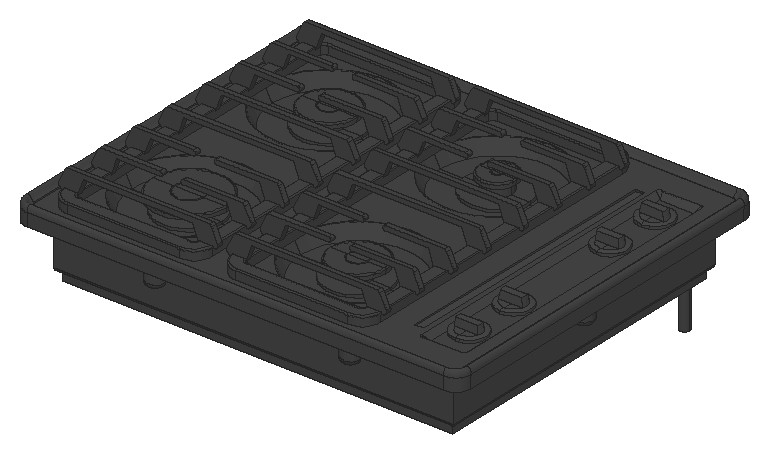
Revit family "QF_Summit_TTL033S_Cooktop", category Specialty Equipment, Revit 2020 (continued)
Definition of nested family "Summit_Cast"
  Forms (in)
    Extrusion 4, solid
      sketch origin (0, -6.75, 0) x (1, 0, 0) y (0, 0, 1)
        loop
          arc (8.25406, 0.49612) -> (8.2924, 0.56977) -> (8.28157, 0.65209) r 0.13806
          line (8.28157, 0.65209) -> (7.93816, 1.38852) -> (7.82668, 1.5) -> (0.17332, 1.5) -> (0.06184, 1.38852) -> (-0.28157, 0.65209)
          arc (-0.28157, 0.65209) -> (-0.2924, 0.56977) -> (-0.25406, 0.49612) r 0.13806
          line (-0.25406, 0.49612) -> (-0.14564, 0.3877) -> (0.74803, 0.3877)
      from 1 to 1.25
    Extrusion 5, solid
      sketch origin (0, -4.5, 0) x (1, 0, 0) y (0, 0, 1)
        loop
          line (0.74803, 0.3877) -> (1.06188, 1.25) -> (3.36913, 1.25)
          arc (3.36913, 1.25) -> (3.49413, 1.375) -> (3.36913, 1.5) r 0.125
          line (3.36913, 1.5) -> (0.17332, 1.5) -> (0.06184, 1.38852) -> (-0.28157, 0.65209)
          arc (-0.28157, 0.65209) -> (-0.2924, 0.56977) -> (-0.25406, 0.49612) r 0.13806
          line (-0.25406, 0.49612) -> (-0.14564, 0.3877) -> (0.74803, 0.3877)
        loop
          line (7.25197, 0.3877) -> (8.14564, 0.3877) -> (8.25406, 0.49612)
          arc (8.25406, 0.49612) -> (8.2924, 0.56977) -> (8.28157, 0.65209) r 0.13806
          line (8.28157, 0.65209) -> (7.93816, 1.38852) -> (7.82668, 1.5) -> (4.62959, 1.5)
          arc (4.62959, 1.5) -> (4.50459, 1.375) -> (4.62959, 1.25) r 0.125
          line (4.62959, 1.25) -> (6.93812, 1.25) -> (7.25197, 0.3877)
      from 1 to 1.25
    Extrusion 6, solid
      sketch origin (0, -18.25, 0) x (1, 0, 0) y (0, 0, -1)
        loop
          line (0.74803, -0.3877) -> (-0.14564, -0.3877) -> (-0.25406, -0.49612)
          arc (-0.25406, -0.49612) -> (-0.2924, -0.56977) -> (-0.28157, -0.65209) r 0.13806
          line (-0.28157, -0.65209) -> (0.06184, -1.38852) -> (0.17332, -1.5) -> (7.82668, -1.5) -> (7.93816, -1.38852) -> (8.28157, -0.65209)
          arc (8.28157, -0.65209) -> (8.2924, -0.56977) -> (8.25406, -0.49612) r 0.13806
          line (8.25406, -0.49612) -> (8.14564, -0.3877) -> (7.25197, -0.3877) -> (6.93812, -1.25) -> (1.06188, -1.25) -> (0.74803, -0.3877)
      from 1 to 1.25
    Extrusion 7, solid
      sketch origin (0, -16, 0) x (1, 0, 0) y (0, 0, -1)
        loop
          line (0.74803, -0.3877) -> (-0.14564, -0.3877) -> (-0.25406, -0.49612)
          arc (-0.25406, -0.49612) -> (-0.2924, -0.56977) -> (-0.28157, -0.65209) r 0.13806
          line (-0.28157, -0.65209) -> (0.06184, -1.38852) -> (0.17332, -1.5) -> (3.36913, -1.5)
          arc (3.36913, -1.5) -> (3.49413, -1.375) -> (3.36913, -1.25) r 0.125
          line (3.36913, -1.25) -> (1.06188, -1.25) -> (0.74803, -0.3877)
        loop
          line (7.25197, -0.3877) -> (6.93812, -1.25) -> (4.62959, -1.25)
          arc (4.62959, -1.25) -> (4.50459, -1.375) -> (4.62959, -1.5) r 0.125
          line (4.62959, -1.5) -> (7.82668, -1.5) -> (7.93816, -1.38852) -> (8.28157, -0.65209)
          arc (8.28157, -0.65209) -> (8.2924, -0.56977) -> (8.25406, -0.49612) r 0.13806
          line (8.25406, -0.49612) -> (8.14564, -0.3877) -> (7.25197, -0.3877)
      from 1 to 1.25
    Extrusion 8, solid
      sketch origin (0, -11.5, 0) x (1, 0, 0) y (0, 0, -1)
        loop
          line (0.74803, -0.3877) -> (-0.14564, -0.3877) -> (-0.25406, -0.49612)
          arc (-0.25406, -0.49612) -> (-0.2924, -0.56977) -> (-0.28157, -0.65209) r 0.13806
          line (-0.28157, -0.65209) -> (0.06184, -1.38852) -> (0.17332, -1.5) -> (7.82668, -1.5) -> (7.93816, -1.38852) -> (8.28157, -0.65209)
          arc (8.28157, -0.65209) -> (8.2924, -0.56977) -> (8.25406, -0.49612) r 0.13806
          line (8.25406, -0.49612) -> (8.14564, -0.3877) -> (7.25197, -0.3877) -> (6.93812, -1.25) -> (1.06188, -1.25) -> (0.74803, -0.3877)
      from 1 to 1.25
    Extrusion 9, solid
      sketch origin (0, -13.75, 0) x (1, 0, 0) y (0, 0, -1)
        loop
          line (0.74803, -0.3877) -> (-0.14564, -0.3877) -> (-0.25406, -0.49612)
          arc (-0.25406, -0.49612) -> (-0.2924, -0.56977) -> (-0.28157, -0.65209) r 0.13806
          line (-0.28157, -0.65209) -> (0.06184, -1.38852) -> (0.17332, -1.5) -> (3.36913, -1.5)
          arc (3.36913, -1.5) -> (3.49413, -1.375) -> (3.36913, -1.25) r 0.125
          line (3.36913, -1.25) -> (1.06188, -1.25) -> (0.74803, -0.3877)
        loop
          line (7.25197, -0.3877) -> (6.93812, -1.25) -> (4.62959, -1.25)
          arc (4.62959, -1.25) -> (4.50459, -1.375) -> (4.62959, -1.5) r 0.125
          line (4.62959, -1.5) -> (7.82668, -1.5) -> (7.93816, -1.38852) -> (8.28157, -0.65209)
          arc (8.28157, -0.65209) -> (8.2924, -0.56977) -> (8.25406, -0.49612) r 0.13806
          line (8.25406, -0.49612) -> (8.14564, -0.3877) -> (7.25197, -0.3877)
      from 1 to 1.25
  Lines and regions (in)
    symbolic lines
      curve 1: line (7, -0.75, 1.5) -> (1, -0.75, 1.5)
      curve 2: arc (1, -0.75, 1.5) -> (0.82322, -0.82322, 1.5) -> (0.75, -1, 1.5) r 0.25
      curve 3: line (0.75, -1, 1.5) -> (0.75, -3.25, 1.5)
      curve 4: arc (0.75, -17.25, 1.5) -> (0.82322, -17.42678, 1.5) -> (1, -17.5, 1.5) r 0.25
      curve 5: line (1, -17.5, 1.5) -> (7, -17.5, 1.5)
      curve 6: arc (7, -17.5, 1.5) -> (7.17678, -17.42678, 1.5) -> (7.25, -17.25, 1.5) r 0.25
      curve 7: arc (7.25, -1, 1.5) -> (7.17678, -0.82322, 1.5) -> (7, -0.75, 1.5) r 0.25
      curve 8: arc (0, -1, 1.5) -> (0.29289, -0.29289, 1.5) -> (1, 0, 1.5) r 1
      curve 9: line (1, 0, 1.5) -> (7, 0, 1.5)
      curve 10: arc (7, 0, 1.5) -> (7.70711, -0.29289, 1.5) -> (8, -1, 1.5) r 1
      curve 11: arc (8, -17.25, 1.5) -> (7.70711, -17.95711, 1.5) -> (7, -18.25, 1.5) r 1
      curve 12: line (7, -18.25, 1.5) -> (1, -18.25, 1.5)
      curve 13: arc (1, -18.25, 1.5) -> (0.29289, -17.95711, 1.5) -> (0, -17.25, 1.5) r 1
      curve 14: line (-0.2945, -1.25, 1.5) -> (8.2945, -1.25, 1.5)
      curve 15: line (8.2945, -1, 1.5) -> (-0.2945, -1, 1.5)
      curve 16: line (-0.2945, -1, 1.5) -> (-0.2945, -1.25, 1.5)
      curve 17: line (8.2945, -1, 1.5) -> (8.2945, -1.25, 1.5)
      curve 18: line (4.50459, -3.25, 1.5) -> (8.2945, -3.25, 1.5)
      curve 19: line (4.50459, -3.5, 1.5) -> (4.50459, -3.25, 1.5)
      curve 20: line (8.2945, -3.5, 1.5) -> (4.50459, -3.5, 1.5)
      curve 21: line (8.2945, -3.25, 1.5) -> (8.2945, -3.5, 1.5)
      curve 22: line (-0.2945, -3.25, 1.5) -> (3.49413, -3.25, 1.5)
      curve 23: line (-0.2945, -3.5, 1.5) -> (-0.2945, -3.25, 1.5)
      curve 24: line (3.49413, -3.5, 1.5) -> (0, -3.5, 1.5)
      curve 25: line (3.49413, -3.25, 1.5) -> (3.49413, -3.5, 1.5)
      curve 26: line (-0.2945, -5.5, 1.5) -> (3.49413, -5.5, 1.5)
      curve 27: line (-0.2945, -5.75, 1.5) -> (-0.2945, -5.5, 1.5)
      curve 28: line (3.49413, -5.75, 1.5) -> (-0.2945, -5.75, 1.5)
      curve 29: line (3.49413, -5.5, 1.5) -> (3.49413, -5.75, 1.5)
      curve 30: line (4.50459, -5.5, 1.5) -> (8.2945, -5.5, 1.5)
      curve 31: line (4.50459, -5.75, 1.5) -> (4.50459, -5.5, 1.5)
      curve 32: line (8.2945, -5.75, 1.5) -> (4.50459, -5.75, 1.5)
      curve 33: line (8.2945, -5.5, 1.5) -> (8.2945, -5.75, 1.5)
      curve 34: line (-0.2945, -7.75, 1.5) -> (8.2945, -7.75, 1.5)
      curve 35: line (-0.2945, -8, 1.5) -> (-0.2945, -7.75, 1.5)
      curve 36: line (8.2945, -8, 1.5) -> (-0.2945, -8, 1.5)
      curve 37: line (8.2945, -7.75, 1.5) -> (8.2945, -8, 1.5)
      curve 38: line (-0.2945, -10.25, 1.5) -> (8.2945, -10.25, 1.5)
      curve 39: line (-0.2945, -10.5, 1.5) -> (-0.2945, -10.25, 1.5)
      curve 40: line (8.2945, -10.5, 1.5) -> (-0.2945, -10.5, 1.5)
      curve 41: line (8.2945, -10.25, 1.5) -> (8.2945, -10.5, 1.5)
      curve 42: line (-0.2945, -12.5, 1.5) -> (3.49413, -12.5, 1.5)
      curve 43: line (-0.2945, -12.75, 1.5) -> (-0.2945, -12.5, 1.5)
      curve 44: line (3.49413, -12.75, 1.5) -> (-0.2945, -12.75, 1.5)
      curve 45: line (3.49413, -12.5, 1.5) -> (3.49413, -12.75, 1.5)
      curve 46: line (4.50459, -12.5, 1.5) -> (8.2945, -12.5, 1.5)
      curve 47: line (4.50459, -12.75, 1.5) -> (4.50459, -12.5, 1.5)
      curve 48: line (8.2945, -12.75, 1.5) -> (4.50459, -12.75, 1.5)
      curve 49: line (8.2945, -12.5, 1.5) -> (8.2945, -12.75, 1.5)
      curve 50: line (-0.2945, -14.75, 1.5) -> (3.49413, -14.75, 1.5)
      curve 51: line (-0.2945, -15, 1.5) -> (-0.2945, -14.75, 1.5)
      curve 52: line (3.49413, -15, 1.5) -> (-0.2945, -15, 1.5)
      curve 53: line (3.49413, -14.75, 1.5) -> (3.49413, -15, 1.5)
      curve 54: line (4.50459, -14.75, 1.5) -> (8.2945, -14.75, 1.5)
      curve 55: line (4.50459, -15, 1.5) -> (4.50459, -14.75, 1.5)
      curve 56: line (8.2945, -15, 1.5) -> (4.50459, -15, 1.5)
      curve 57: line (8.2945, -14.75, 1.5) -> (8.2945, -15, 1.5)
      curve 58: line (-0.2945, -17, 1.5) -> (8.2945, -17, 1.5)
      curve 59: line (-0.2945, -17.25, 1.5) -> (-0.2945, -17, 1.5)
      curve 60: line (8.2945, -17.25, 1.5) -> (-0.2945, -17.25, 1.5)
      curve 61: line (8.2945, -17, 1.5) -> (8.2945, -17.25, 1.5)
      curve 62: line (8, -1.25, 1.5) -> (8, -3.25, 1.5)
      curve 63: line (0, -3.25, 1.5) -> (0, -1.25, 1.5)
      curve 64: line (0, -3.5, 1.5) -> (-0.2945, -3.5, 1.5)
      curve 65: line (0.75, -3.5, 1.5) -> (0.75, -5.5, 1.5)
      curve 66: line (7.25, -3.25, 1.5) -> (7.25, -1, 1.5)
      curve 67: line (8, -3.5, 1.5) -> (8, -5.5, 1.5)
      curve 68: line (8, -5.75, 1.5) -> (8, -7.75, 1.5)
      curve 69: line (7.25, -5.5, 1.5) -> (7.25, -3.5, 1.5)
      curve 70: line (0.75, -5.75, 1.5) -> (0.75, -7.75, 1.5)
      curve 71: line (0, -5.5, 1.5) -> (0, -3.5, 1.5)
      curve 72: line (0, -7.75, 1.5) -> (0, -5.75, 1.5)
      curve 73: line (0.75, -8, 1.5) -> (0.75, -10.25, 1.5)
      curve 74: line (7.25, -7.75, 1.5) -> (7.25, -5.75, 1.5)
      curve 75: line (8, -8, 1.5) -> (8, -10.25, 1.5)
      curve 76: line (8, -10.5, 1.5) -> (8, -12.5, 1.5)
      curve 77: line (7.25, -10.25, 1.5) -> (7.25, -8, 1.5)
      curve 78: line (8, -12.75, 1.5) -> (8, -14.75, 1.5)
      curve 79: line (7.25, -12.5, 1.5) -> (7.25, -10.5, 1.5)
      curve 80: line (8, -15, 1.5) -> (8, -17, 1.5)
      curve 81: line (7.25, -14.75, 1.5) -> (7.25, -12.75, 1.5)
      curve 82: line (0.75, -12.75, 1.5) -> (0.75, -14.75, 1.5)
      curve 83: line (0.75, -10.5, 1.5) -> (0.75, -12.5, 1.5)
      curve 84: line (0, -12.5, 1.5) -> (0, -8, 1.5)
      curve 85: line (0, -14.75, 1.5) -> (0, -12.75, 1.5)
      curve 86: line (0.75, -15, 1.5) -> (0.75, -17, 1.5)
      curve 87: line (7.25, -17, 1.5) -> (7.25, -15, 1.5)
      curve 88: line (0, -17, 1.5) -> (0, -15, 1.5)
  Dimensions and locks (in)
    equal spacing: plane 3 "LEFT", plane 7 "Center Y", plane 4 "RIGHT"
    "Length": plane 3 "LEFT" to plane 4 "RIGHT"
    equal spacing: plane 5 "FRONT", plane 8 "Center X", plane 1 "BACK"
    "Depth": plane 5 "FRONT" to plane 1 "BACK"
    "Height": plane 6 "TOP" to level
    aligned and locked: level to plane 2
  Automatic sketch dimensions
    Sweep 1 sketch curve to plane 4 "RIGHT" = 0"
    plane 5 "FRONT" to Sweep 1 sketch curve = 0"
    plane 1 "BACK" to Sweep 1 sketch curve = 0"
    Sweep 1 sketch curve to plane 3 "LEFT" = 0"
    Sweep 1 sketch curve to Sweep 1 sketch curve = 1"
    plane 4 "RIGHT" to Sweep 1 sketch curve = 1"
    plane 3 "LEFT" to Sweep 1 sketch curve = 1"  (x2)
    Sweep 1 sketch curve to profile plane = 0"
    profile plane to Sweep 1 sketch curve = 1/16"
    Sweep 1 sketch curve to Sweep 1 sketch curve = 5/8"
    Sweep 1 sketch curve to Sweep 1 sketch curve = 1/16"
    Sweep 1 sketch curve to plane 6 "TOP" = 1 1/2"
    Sweep 1 sketch curve to Sweep 1 sketch curve = 7/16"
    Extrusion 2 sketch curve to plane 6 "TOP" = 0"
    Extrusion 2 sketch curve to plane 3 "LEFT" = 0.28157"
    Extrusion 2 sketch curve to Extrusion 2 sketch curve = 0.0275"
    Extrusion 2 sketch curve to Extrusion 2 sketch curve = 0.12513"  (x2)
    Extrusion 2 sketch curve to plane 3 "LEFT" = 0.14564"
    plane 3 "LEFT" to Extrusion 2 sketch curve = 0.06184"
    Extrusion 2 sketch curve to Extrusion 2 sketch curve = 0.11148"
    plane 3 "LEFT" to Extrusion 2 sketch curve = 0.74803"
    Extrusion 2 sketch curve to plane 6 "TOP" = 1/4"
    Extrusion 2 sketch curve to Extrusion 2 sketch curve = 0.31385"
    plane 4 "RIGHT" to Extrusion 2 sketch curve = 1.06188"
    plane 4 "RIGHT" to Extrusion 2 sketch curve = 0.74803"
    plane 4 "RIGHT" to Extrusion 2 sketch curve = 0.17332"
    plane 4 "RIGHT" to Extrusion 2 sketch curve = 0.06184"
    Extrusion 2 sketch curve to plane 4 "RIGHT" = 0.14564"
    Extrusion 2 sketch curve to plane 4 "RIGHT" = 0.15644"
    Extrusion 2 sketch curve to Extrusion 2 sketch curve = 0.09762"
    level to Extrusion 2 sketch curve = 0.65209"  (x2)
    Extrusion 2 sketch curve to Extrusion 2 sketch curve = 0.05835"  (x2)
    level to Extrusion 2 sketch curve = 0.3877"
    Extrusion 2 sketch curve to Extrusion 2 sketch curve = 0.10842"
    Extrusion 2 sketch curve to plane 6 "TOP" = 0.11148"  (x2)
    Extrusion 3 sketch curve to plane 6 "TOP" = 0"  (x2)
    Extrusion 3 sketch curve to plane 3 "LEFT" = 0.28157"
    Extrusion 3 sketch curve to Extrusion 3 sketch curve = 0.0275"
    Extrusion 3 sketch curve to Extrusion 3 sketch curve = 0.12513"  (x2)
    Extrusion 3 sketch curve to plane 3 "LEFT" = 0.14564"
    plane 3 "LEFT" to Extrusion 3 sketch curve = 0.06184"
    Extrusion 3 sketch curve to Extrusion 3 sketch curve = 0.11148"
    plane 3 "LEFT" to Extrusion 3 sketch curve = 0.74803"
    Extrusion 3 sketch curve to plane 6 "TOP" = 1/4"  (x2)
    Extrusion 3 sketch curve to Extrusion 3 sketch curve = 0.31385"
    Extrusion 3 sketch curve to plane 7 "Center Y" = 0.63087"
    plane 7 "Center Y" to Extrusion 3 sketch curve = 0.62959"
    plane 4 "RIGHT" to Extrusion 3 sketch curve = 1.06188"
    plane 4 "RIGHT" to Extrusion 3 sketch curve = 0.74803"
    plane 4 "RIGHT" to Extrusion 3 sketch curve = 0.17332"
    plane 4 "RIGHT" to Extrusion 3 sketch curve = 0.06184"
    Extrusion 3 sketch curve to plane 4 "RIGHT" = 0.14564"
    Extrusion 3 sketch curve to plane 4 "RIGHT" = 0.15644"
    Extrusion 3 sketch curve to Extrusion 3 sketch curve = 0.09762"
    level to Extrusion 3 sketch curve = 0.65209"  (x2)
    Extrusion 3 sketch curve to Extrusion 3 sketch curve = 0.05835"  (x2)
    level to Extrusion 3 sketch curve = 0.3877"
    Extrusion 3 sketch curve to Extrusion 3 sketch curve = 0.10842"
    Extrusion 3 sketch curve to plane 6 "TOP" = 0.11148"  (x2)
    Extrusion 4 sketch curve to plane 6 "TOP" = 0"
    Extrusion 4 sketch curve to plane 3 "LEFT" = 0.28157"
    Extrusion 4 sketch curve to Extrusion 4 sketch curve = 0.0275"
    Extrusion 4 sketch curve to Extrusion 4 sketch curve = 0.12513"  (x2)
    Extrusion 4 sketch curve to plane 3 "LEFT" = 0.14564"
    plane 3 "LEFT" to Extrusion 4 sketch curve = 0.06184"
    Extrusion 4 sketch curve to Extrusion 4 sketch curve = 0.11148"
    plane 3 "LEFT" to Extrusion 4 sketch curve = 0.74803"
    Extrusion 4 sketch curve to plane 6 "TOP" = 1/4"
    Extrusion 4 sketch curve to Extrusion 4 sketch curve = 0.31385"
    plane 4 "RIGHT" to Extrusion 4 sketch curve = 1.06188"
    plane 4 "RIGHT" to Extrusion 4 sketch curve = 0.74803"
    plane 4 "RIGHT" to Extrusion 4 sketch curve = 0.17332"
    plane 4 "RIGHT" to Extrusion 4 sketch curve = 0.06184"
    Extrusion 4 sketch curve to plane 4 "RIGHT" = 0.14564"
    Extrusion 4 sketch curve to plane 4 "RIGHT" = 0.15644"
    Extrusion 4 sketch curve to Extrusion 4 sketch curve = 0.09762"
    level to Extrusion 4 sketch curve = 0.65209"  (x2)
    Extrusion 4 sketch curve to Extrusion 4 sketch curve = 0.05835"  (x2)
    level to Extrusion 4 sketch curve = 0.3877"
    Extrusion 4 sketch curve to Extrusion 4 sketch curve = 0.10842"
    Extrusion 4 sketch curve to plane 6 "TOP" = 0.11148"  (x2)
    Extrusion 5 sketch curve to plane 6 "TOP" = 0"  (x2)
    Extrusion 5 sketch curve to plane 3 "LEFT" = 0.28157"
    Extrusion 5 sketch curve to Extrusion 5 sketch curve = 0.0275"
    Extrusion 5 sketch curve to Extrusion 5 sketch curve = 0.12513"  (x2)
    Extrusion 5 sketch curve to plane 3 "LEFT" = 0.14564"
    plane 3 "LEFT" to Extrusion 5 sketch curve = 0.06184"
    Extrusion 5 sketch curve to Extrusion 5 sketch curve = 0.11148"
    plane 3 "LEFT" to Extrusion 5 sketch curve = 0.74803"
    Extrusion 5 sketch curve to plane 6 "TOP" = 1/4"  (x2)
    Extrusion 5 sketch curve to Extrusion 5 sketch curve = 0.31385"
    Extrusion 5 sketch curve to plane 7 "Center Y" = 0.63087"
    plane 7 "Center Y" to Extrusion 5 sketch curve = 0.62959"
    plane 4 "RIGHT" to Extrusion 5 sketch curve = 1.06188"
    plane 4 "RIGHT" to Extrusion 5 sketch curve = 0.74803"
    plane 4 "RIGHT" to Extrusion 5 sketch curve = 0.17332"
    plane 4 "RIGHT" to Extrusion 5 sketch curve = 0.06184"
    Extrusion 5 sketch curve to plane 4 "RIGHT" = 0.14564"
    Extrusion 5 sketch curve to plane 4 "RIGHT" = 0.15644"
    Extrusion 5 sketch curve to Extrusion 5 sketch curve = 0.09762"
    level to Extrusion 5 sketch curve = 0.65209"  (x2)
    Extrusion 5 sketch curve to Extrusion 5 sketch curve = 0.05835"  (x2)
    level to Extrusion 5 sketch curve = 0.3877"
    Extrusion 5 sketch curve to Extrusion 5 sketch curve = 0.10842"
    Extrusion 5 sketch curve to plane 6 "TOP" = 0.11148"  (x2)
    Extrusion 6 sketch curve to plane 6 "TOP" = 0"
    Extrusion 6 sketch curve to plane 3 "LEFT" = 0.28157"
    Extrusion 6 sketch curve to Extrusion 6 sketch curve = 0.0275"
    Extrusion 6 sketch curve to Extrusion 6 sketch curve = 0.12513"  (x2)
    Extrusion 6 sketch curve to plane 3 "LEFT" = 0.14564"
    plane 3 "LEFT" to Extrusion 6 sketch curve = 0.06184"
    Extrusion 6 sketch curve to Extrusion 6 sketch curve = 0.11148"
    plane 3 "LEFT" to Extrusion 6 sketch curve = 0.74803"
    Extrusion 6 sketch curve to plane 6 "TOP" = 1/4"
    Extrusion 6 sketch curve to Extrusion 6 sketch curve = 0.31385"
    plane 4 "RIGHT" to Extrusion 6 sketch curve = 1.06188"
    plane 4 "RIGHT" to Extrusion 6 sketch curve = 0.74803"
    plane 4 "RIGHT" to Extrusion 6 sketch curve = 0.17332"
    plane 4 "RIGHT" to Extrusion 6 sketch curve = 0.06184"
    Extrusion 6 sketch curve to plane 4 "RIGHT" = 0.14564"
    Extrusion 6 sketch curve to plane 4 "RIGHT" = 0.15644"
    Extrusion 6 sketch curve to Extrusion 6 sketch curve = 0.09762"
    Extrusion 6 sketch curve to plane 6 "TOP" = 0.11148"  (x2)
    level to Extrusion 6 sketch curve = 0.65209"  (x2)
    Extrusion 6 sketch curve to Extrusion 6 sketch curve = 0.05835"  (x2)
    Extrusion 6 sketch curve to Extrusion 6 sketch curve = 0.10842"
    level to Extrusion 6 sketch curve = 0.3877"
    Extrusion 7 sketch curve to plane 6 "TOP" = 0"  (x2)
    Extrusion 7 sketch curve to plane 3 "LEFT" = 0.28157"
    Extrusion 7 sketch curve to Extrusion 7 sketch curve = 0.0275"
    Extrusion 7 sketch curve to Extrusion 7 sketch curve = 0.12513"  (x2)
    Extrusion 7 sketch curve to plane 3 "LEFT" = 0.14564"
    plane 3 "LEFT" to Extrusion 7 sketch curve = 0.06184"
    Extrusion 7 sketch curve to Extrusion 7 sketch curve = 0.11148"
    plane 3 "LEFT" to Extrusion 7 sketch curve = 0.74803"
    Extrusion 7 sketch curve to plane 6 "TOP" = 1/4"  (x2)
    Extrusion 7 sketch curve to Extrusion 7 sketch curve = 0.31385"
    Extrusion 7 sketch curve to plane 7 "Center Y" = 0.63087"
    plane 7 "Center Y" to Extrusion 7 sketch curve = 0.62959"
    plane 4 "RIGHT" to Extrusion 7 sketch curve = 1.06188"
    plane 4 "RIGHT" to Extrusion 7 sketch curve = 0.74803"
    plane 4 "RIGHT" to Extrusion 7 sketch curve = 0.17332"
    plane 4 "RIGHT" to Extrusion 7 sketch curve = 0.06184"
    Extrusion 7 sketch curve to plane 4 "RIGHT" = 0.14564"
    Extrusion 7 sketch curve to plane 4 "RIGHT" = 0.15644"
    Extrusion 7 sketch curve to Extrusion 7 sketch curve = 0.09762"
    Extrusion 7 sketch curve to plane 6 "TOP" = 0.11148"  (x2)
    level to Extrusion 7 sketch curve = 0.65209"  (x2)
    Extrusion 7 sketch curve to Extrusion 7 sketch curve = 0.05835"  (x2)
    Extrusion 7 sketch curve to Extrusion 7 sketch curve = 0.10842"
    level to Extrusion 7 sketch curve = 0.3877"
    Extrusion 8 sketch curve to plane 6 "TOP" = 0"
    Extrusion 8 sketch curve to plane 3 "LEFT" = 0.28157"
    Extrusion 8 sketch curve to Extrusion 8 sketch curve = 0.0275"
    Extrusion 8 sketch curve to Extrusion 8 sketch curve = 0.12513"  (x2)
    Extrusion 8 sketch curve to plane 3 "LEFT" = 0.14564"
    plane 3 "LEFT" to Extrusion 8 sketch curve = 0.06184"
    Extrusion 8 sketch curve to Extrusion 8 sketch curve = 0.11148"
    plane 3 "LEFT" to Extrusion 8 sketch curve = 0.74803"
    Extrusion 8 sketch curve to plane 6 "TOP" = 1/4"
    Extrusion 8 sketch curve to Extrusion 8 sketch curve = 0.31385"
    plane 4 "RIGHT" to Extrusion 8 sketch curve = 1.06188"
    plane 4 "RIGHT" to Extrusion 8 sketch curve = 0.74803"
    plane 4 "RIGHT" to Extrusion 8 sketch curve = 0.17332"
    plane 4 "RIGHT" to Extrusion 8 sketch curve = 0.06184"
    Extrusion 8 sketch curve to plane 4 "RIGHT" = 0.14564"
    Extrusion 8 sketch curve to plane 4 "RIGHT" = 0.15644"
    Extrusion 8 sketch curve to Extrusion 8 sketch curve = 0.09762"
    Extrusion 8 sketch curve to plane 6 "TOP" = 0.11148"  (x2)
    level to Extrusion 8 sketch curve = 0.65209"  (x2)
    Extrusion 8 sketch curve to Extrusion 8 sketch curve = 0.05835"  (x2)
    Extrusion 8 sketch curve to Extrusion 8 sketch curve = 0.10842"
    level to Extrusion 8 sketch curve = 0.3877"
    Extrusion 9 sketch curve to plane 6 "TOP" = 0"  (x2)
    Extrusion 9 sketch curve to plane 3 "LEFT" = 0.28157"
    Extrusion 9 sketch curve to Extrusion 9 sketch curve = 0.0275"
    Extrusion 9 sketch curve to Extrusion 9 sketch curve = 0.12513"  (x2)
    Extrusion 9 sketch curve to plane 3 "LEFT" = 0.14564"
    plane 3 "LEFT" to Extrusion 9 sketch curve = 0.06184"
    Extrusion 9 sketch curve to Extrusion 9 sketch curve = 0.11148"
    plane 3 "LEFT" to Extrusion 9 sketch curve = 0.74803"
    Extrusion 9 sketch curve to plane 6 "TOP" = 1/4"  (x2)
    Extrusion 9 sketch curve to Extrusion 9 sketch curve = 0.31385"
    Extrusion 9 sketch curve to plane 7 "Center Y" = 0.63087"
    plane 7 "Center Y" to Extrusion 9 sketch curve = 0.62959"
    plane 4 "RIGHT" to Extrusion 9 sketch curve = 1.06188"
    plane 4 "RIGHT" to Extrusion 9 sketch curve = 0.74803"
    plane 4 "RIGHT" to Extrusion 9 sketch curve = 0.17332"
    plane 4 "RIGHT" to Extrusion 9 sketch curve = 0.06184"
    Extrusion 9 sketch curve to plane 4 "RIGHT" = 0.14564"
    Extrusion 9 sketch curve to plane 4 "RIGHT" = 0.15644"
    Extrusion 9 sketch curve to Extrusion 9 sketch curve = 0.09762"
    Extrusion 9 sketch curve to plane 6 "TOP" = 0.11148"  (x2)
    level to Extrusion 9 sketch curve = 0.65209"  (x2)
    Extrusion 9 sketch curve to Extrusion 9 sketch curve = 0.05835"  (x2)
    Extrusion 9 sketch curve to Extrusion 9 sketch curve = 0.10842"
    level to Extrusion 9 sketch curve = 0.3877"
    curve 2 to curve 8 = 0"  (x2)
    curve 4 to curve 13 = 0"
    curve 6 to curve 11 = 0"
    curve 7 to curve 10 = 0"  (x2)
    curve 62 to plane 4 "RIGHT" = 0"
    curve 10 to plane 4 "RIGHT" = 0"
    plane 1 "BACK" to curve 9 = 0"
    plane 5 "FRONT" to curve 11 = 0"
    curve 24 to plane 3 "LEFT" = 0"
    curve 63 to plane 3 "LEFT" = 0"
    curve 49 to plane 4 "RIGHT" = 0.2945"
    curve 30 to plane 4 "RIGHT" = 0.2945"
    curve 14 to plane 4 "RIGHT" = 0.2945"
    curve 41 to plane 4 "RIGHT" = 0.2945"
    curve 54 to plane 4 "RIGHT" = 0.2945"
    curve 18 to plane 4 "RIGHT" = 0.2945"
    curve 37 to plane 4 "RIGHT" = 0.2945"
    curve 58 to plane 4 "RIGHT" = 0.2945"
    curve 10 to curve 66 = 3/4"
    curve 66 to curve 10 = 1/4"
    plane 7 "Center Y" to curve 20 = 0.50459"
    plane 7 "Center Y" to curve 55 = 0.50459"
    plane 7 "Center Y" to curve 46 = 0.50459"
    plane 7 "Center Y" to curve 32 = 0.50459"
    curve 29 to plane 7 "Center Y" = 0.50587"
    curve 42 to plane 7 "Center Y" = 0.50587"
    curve 22 to plane 7 "Center Y" = 0.50587"
    curve 53 to plane 7 "Center Y" = 0.50587"
    curve 63 to curve 14 = 0.2945"
    curve 50 to plane 3 "LEFT" = 0.2945"
    curve 44 to plane 3 "LEFT" = 0.2945"
    curve 40 to plane 3 "LEFT" = 0.2945"
    curve 63 to curve 22 = 0.2945"
    curve 58 to plane 3 "LEFT" = 0.2945"
    curve 36 to plane 3 "LEFT" = 0.2945"
    curve 26 to plane 3 "LEFT" = 0.2945"
    curve 15 to curve 16 = 1/4"
    curve 14 to curve 18 = 2"
    curve 22 to curve 18 = 0"
    curve 18 to curve 19 = 1/4"
    curve 22 to curve 24 = 1/4"
    curve 22 to curve 64 = 1/4"
    curve 19 to curve 30 = 2"
    curve 29 to curve 30 = 0"
    curve 30 to curve 31 = 1/4"
    curve 26 to curve 29 = 1/4"
    plane 8 "Center X" to curve 35 = 1 3/8"
    curve 34 to curve 37 = 1/4"
    curve 41 to plane 8 "Center X" = 1 1/8"
    curve 38 to curve 41 = 1/4"
    curve 40 to curve 46 = 2"
    curve 39 to curve 43 = 2"
    curve 46 to curve 49 = 1/4"
    curve 42 to curve 45 = 1/4"
    curve 43 to curve 51 = 2"
    curve 50 to curve 54 = 0"
    curve 54 to curve 55 = 1/4"
    curve 50 to curve 51 = 1/4"
    curve 59 to curve 13 = 1/4"
    curve 8 to plane 3 "LEFT" = 0"
    curve 69 to curve 66 = 0"
    curve 11 to plane 4 "RIGHT" = 0"
    curve 67 to plane 4 "RIGHT" = 0"
    curve 65 to curve 70 = 0"
    curve 72 to plane 3 "LEFT" = 0"
    curve 70 to curve 73 = 0"
    curve 74 to curve 77 = 0"
    curve 68 to plane 4 "RIGHT" = 0"
    curve 75 to plane 4 "RIGHT" = 0"
    curve 68 to curve 74 = 3/4"
    curve 76 to plane 4 "RIGHT" = 0"
    curve 79 to curve 77 = 0"
    curve 78 to plane 4 "RIGHT" = 0"
    curve 81 to curve 79 = 0"
    plane 3 "LEFT" to curve 70 = 3/4"
    curve 83 to curve 82 = 0"
    curve 84 to plane 3 "LEFT" = 0"
    curve 85 to plane 3 "LEFT" = 0"
    curve 82 to curve 86 = 0"
    curve 80 to plane 4 "RIGHT" = 0"
    curve 87 to curve 81 = 0"
    curve 87 to curve 5 = 1/4"
    plane 3 "LEFT" to curve 82 = 3/4"
    curve 4 to curve 4 = 1/4"
    curve 88 to plane 3 "LEFT" = 0"
    curve 13 to plane 3 "LEFT" = 0"
